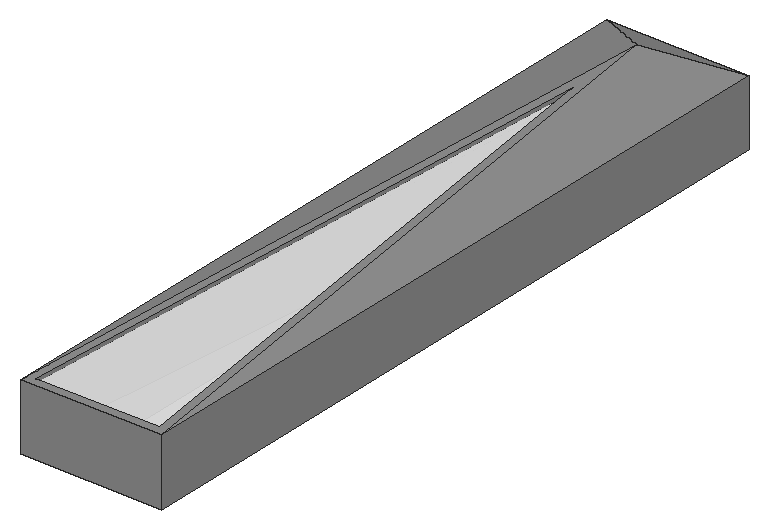
Revit family "3-737-xx - 37-737-xx - Elif (Outdoor)", category Lighting Fixtures, host Face, Revit 2018
Family settings
  Host = Face
  Round Connector Dimension = Use Diameter
  Part Type = Normal
  Cut with Voids When Loaded = No
  Light Source = Yes
  Shared = No
  Room Calculation Point = No
Parameters (values of type "3-737-16 / 37-737-16 - Elif")
  Wattage Comments = "25.7 W at 120 V"  # constant formula
  Wattage = 25.7 W
  built-in parameter 1150110 = 1 (stored number, unit not read)
  Voltage Input [instance] = "120 V or 277 V 50/60Hz"  # constant formula
  URL = "www.oxygenlighting.com"
  built-in parameter 1114217 = 1 (stored number, unit not read)
  Tilt Angle = 180.00°
  built-in parameter 1150109 = 1 (stored number, unit not read)
  built-in parameter 1150134 = (empty or 0)
  built-in parameter 1150113 = 1 (stored number, unit not read)
  Photometric Web File = "3-737-16 Elif.ies"
  Other = none
  References [instance] = "Ref. 3 = 120V / Ref. 37 = 277 V"  # constant formula
  Model = "3-737-xx / 37-737-xx - Elif"  # constant formula
  Metal Finish = 16 - Gray
  Manufacturer = "Oxygen Lighting"  # constant formula
  built-in parameter 1150105 = 55.219 (stored number, unit not read)
  Lumens = 693.9 lm
  built-in parameter 1150115 = 1 (stored number, unit not read)
  built-in parameter 1150137 = (empty or 0)
  built-in parameter 1150139 = (empty or 0)
  built-in parameter 1150112 = 1 (stored number, unit not read)
  built-in parameter 1150114 = 1 (stored number, unit not read)
  Lamp = "LED Array"  # constant formula
  built-in parameter 1150132 = (empty or 0)
  built-in parameter 1150102 = (empty or 0)
  built-in parameter 1150107 = 3000 (stored number, unit not read)
  built-in parameter 1150138 = (empty or 0)
  built-in parameter 1150106 = 0.55219 (stored number, unit not read)
  built-in parameter 1150127 = 1.00"
  Emit from Rectangle Length = 11.00"
  Emit Shape Visible in Rendering = no
  built-in parameter 1150104 = 2.5084 (stored number, unit not read)
  Dimming Lamp Color Temperature Shift = <None>
  Diffuser = Polished White Polycarbonate
  Default Elevation = 0.00"
  Color Filter = 16777215
  Emit from Rectangle Width = 12.00"
  built-in parameter 1150133 = 10 (stored number, unit not read)
Types (3): name | Metal Finish
  (no name) | 16 - Gray
  3-737-16 / 37-737-16 - Elif | 16 - Gray
  3-737-22 / 37-737-22 - Elif | 22- Oiled Bronze
Reference planes (in)
  plane 1 "Center (Front/Back)": y = 0
  plane 2: z = 0
  plane 3 "Center (Left/Right)": x = 0
Dimensions and locks (in)
  aligned and locked: plane 2 to host face
  aligned and locked: level to host face
  aligned and locked: plane 3 "Center (Left/Right)" to nested 1
Nested families (in)
  nested 1: "3-737 Elif" at (0, 0, 0), type "3-737 Elif"
Definition of nested family "3-737 Elif"
  Parameters (values of type "3-737 Elif")
    Others 2 = none
    Others 1 = none
    Metal Finish = none
    Main Diffuser = none
    2nd Diffuser = none
  Reference planes (in)
    plane 1 "Center (Front/Back)": y = 0
    plane 2: z = 0
    plane 3 "Center (Left/Right)": x = 0
    plane 4 "Top": y = 11
  Forms (in)
    Extrusion 1, solid, material <- "Metal Finish"
      sketch origin (0, 42.75, -2.95276) x (0, 0, -1) y (0, -1, 0)
        loop
          line (-2.95276, 53.75) -> (-5.75, 53.75) -> (-5.75, 31.75) -> (-2.95276, 31.75) -> (-2.95276, 53.75)
      from -2.125 to 2.125
    Blend 2, void
      base sketch origin (1.43133, 0.75, -2.95276) x (-1, 0, 0) y (0, 0, 1)
        loop
          line (3.55633, 5.75) -> (-0.69367, 5.75) -> (-0.69367, 4.95276) -> (3.55633, 4.95276) -> (3.55633, 5.75)
      top sketch origin (1.43133, 0.75, -2.95276) x (-1, 0, 0) y (0, 0, 1)
        loop
          line (3.55633, 5.75) -> (-0.69367, 5.75) -> (-0.69367, 5.69628) -> (3.55633, 5.69628) -> (3.55633, 5.75)
      from -11.75 to 8.74063
    Blend 3, void
      base sketch origin (61.61455, 0.75, -2.95276) x (-1, 0, 0) y (0, 0, 1)
        loop
          line (63.73955, 5.75) -> (59.48955, 5.75) -> (59.48955, 4.95276) -> (63.73955, 4.95276) -> (63.73955, 5.75)
      top sketch origin (61.61455, 0.75, -2.95276) x (-1, 0, 0) y (0, 0, 1)
        loop
          line (63.73955, 5.75) -> (59.48955, 5.75) -> (59.48955, 5.69628) -> (63.73955, 5.69628) -> (63.73955, 5.75)
      from 10.25 to 8.74063
    Extrusion 4, void
      sketch origin (61.61455, -1.5, -2.95276) x (-1, 0, 0) y (0, 0, 1)
        loop
          line (63.73955, 4.95276) -> (63.73955, 5.75) -> (61.46101, 5.75) -> (63.73955, 4.95276)
      from -9.5 to 12.5
    Extrusion 5, void
      sketch origin (-61.61455, 0.75, -2.95276) x (1, 0, 0) y (0, 0, -1)
        loop
          line (63.73955, -4.95276) -> (61.46101, -5.75) -> (63.73955, -5.75) -> (63.73955, -4.95276)
      from -11.75 to 10.25
    Extrusion 6, void
      sketch origin (1.43133, -3.52056, 4.02096) x (0, -1, 0) y (1, 0, 0)
        loop
          line (7.22944, 0.41641) -> (-10.5876, -1.43133) -> (7.22944, -3.27906) -> (7.22944, 0.41641)
      from -3.64259 to 0.22904
    Extrusion 7, solid, material <- "Main Diffuser"
      sketch origin (0, 0.8001, 8.39124) x (0, 1, 0) y (-1, 0, 0)
        loop
          line (-11.5501, 1.84773) -> (-11.5501, -1.84773) -> (6.26694, 0) -> (-11.5501, 1.84773)
      from -6.90605 to -5.14124
    Extrusion 8, void
      sketch origin (0, 1.35138, 0) x (0, 1, 0) y (0, 0, 1)
        loop
          line (8.14421, 2.64364) -> (8.14421, 5.7638) -> (-12.10138, 5.7638) -> (-12.10138, 1.90901) -> (8.14421, 2.64364)
        loop
          line (8.15065, 2.51378) -> (-12.10138, 1.77892) -> (-12.10138, 1.0138) -> (8.15065, 1.0138) -> (8.15065, 2.51378)
      from -2.125 to 2.125
    Extrusion 9, solid
      sketch origin (0, 0, 0) x (1, 0, 0) y (0, 1, 0)
        loop
          line (-0.37268, -9.52097) -> (0.37268, -9.52097) -> (0.37268, 3.89119) -> (-0.37268, 3.89119) -> (-0.37268, -9.52097)
      from 0.37837 to 0.42853
  Cuts and joins
    Blend 2, Blend 3, Extrusion 4, Extrusion 5, Extrusion 6 cuts Extrusion 1
    Extrusion 8 cuts Extrusion 7
  Lines and regions (in)
    model lines
      curve 1: line (-4, 0, 0) -> (4, 0, 0)
      curve 2: line (0, -4, 0) -> (0, 4, 0)
    symbolic lines
      curve 3: circle (0, 0, 0) r 2 normal (0, 0, 1)
    model lines, not visible
      curve 4: line (-13.0722, 21.77075, 0) -> (-5.0722, 21.77075, 0)
      curve 5: line (-9.0722, 17.77075, 0) -> (-9.0722, 25.77075, 0)
    symbolic lines, not visible
      curve 6: circle (-9.0722, 21.77075, 0) r 2 normal (0, 0, 1)
  Text (in)
    text "M.C." at (0.88973, 1.62995, 0), in view "Ref. Level"
    text "M.C." at (-8.18247, 23.4007, 0), in view "Ref. Level", not visible
  Dimensions and locks (in)
    aligned and locked: plane 2 to level
    aligned and locked: Extrusion 1 to Blend 2 sketch curve  (x2)
    aligned and locked: Blend 2 sketch curve to var sketch  (x2)
    aligned and locked: Blend 3 sketch curve to var sketch  (x2)
